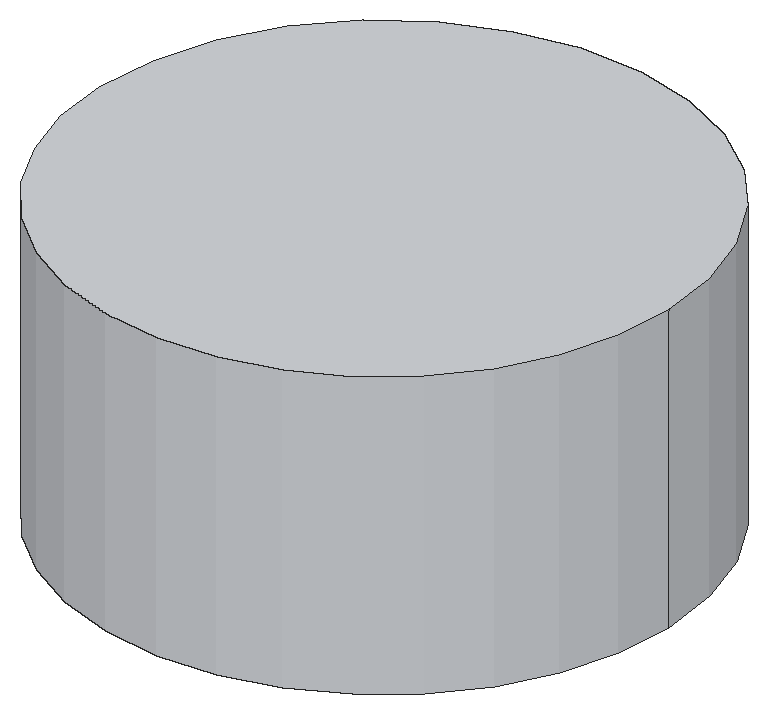
Revit family "09291600", category Specialty Equipment, Revit 2020
Family settings
  Round Connector Dimension = Use Diameter
  Part Type = Normal
  OmniClass Number = 23.40.40.14
  OmniClass Title = Food Service Equipment
  Work Plane-Based = No
  Always vertical = Yes
  Cut with Voids When Loaded = No
  Shared = No
  Room Calculation Point = No
Parameters (values of type "Standard")
  URL = "https://www.rustfriebergh.no/produkter/vannbad-varmeskap-varmeri/varmeskap-for-anretning-vsr-va/"
  Model = "09291600"
  Manufacturer = "RUSTFRIE BERGH AS"
  Description = "VSR-1600-VA"
  Default Elevation = 0 mm
Reference planes
  plane 1 "Center (Front/Back)": y = 0
  plane 2: z = 0
  plane 3 "Center (Left/Right)": x = 0
Forms (mm)
  Extrusion 1, solid
    sketch origin (696.5, 118.5, 148.5) x (0, 1, 0) y (1, 0, 0)
      loop
        circle (0, 0) r 3.048
    from 0 to -3.048
Dimensions and locks
  aligned and locked: level to plane 2
Connectors
  electrical at (696.5, 118.5, 148.5)
    settings: on Extrusion 1, index 1, voltage 230 V, apparent load 2375 VA, apparent load phase1 0 VA, apparent load phase2 0 VA, apparent load phase3 0 VA, power factor 0, load classification "Other", number of poles 1, system type 30, power factor state 1, is connector primary yes, connector utility no, sub classification motor no, connector description "230V 50/60HZ 10,33A"
